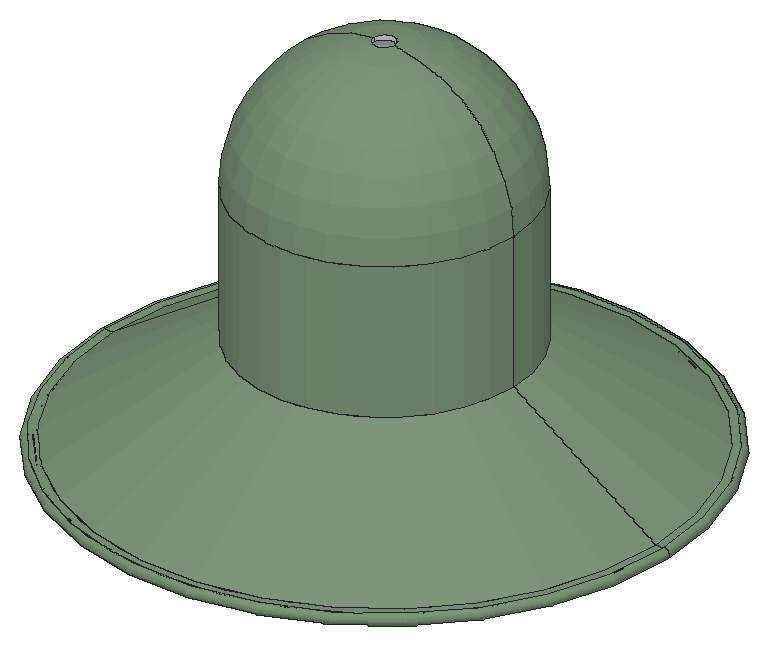
Revit family "SBC14 SHADE", category Lighting Fixtures, Revit 2024
Family settings
  Round Connector Dimension = Use Diameter
  Part Type = Normal
  OmniClass Number = 23.80.70.00
  OmniClass Title = Lighting
  Work Plane-Based = No
  Always vertical = Yes
  Cut with Voids When Loaded = No
  Light Source = Yes
  Maintain Annotation Orientation = No
  Shared = No
  Room Calculation Point = No
Parameters
  Wattage = 12.1178 W
  built-in parameter 1150110 = 1 (stored number, unit not read)
  built-in parameter 1114217 = 1 (stored number, unit not read)
  built-in parameter 1150109 = 1 (stored number, unit not read)
  built-in parameter 1150134 = (empty or 0)
  built-in parameter 1150113 = 1 (stored number, unit not read)
  Lumens = 1800 lm
  built-in parameter 1150115 = 1 (stored number, unit not read)
  built-in parameter 1150105 = 572.96 (stored number, unit not read)
  Light Source Symbol Size = 2' - 0"
  built-in parameter 1150137 = (empty or 0)
  built-in parameter 1150139 = (empty or 0)
  built-in parameter 1150112 = 1 (stored number, unit not read)
  built-in parameter 1150114 = 1 (stored number, unit not read)
  built-in parameter 1150132 = 2
  built-in parameter 1150102 = (empty or 0)
  built-in parameter 1150138 = (empty or 0)
  built-in parameter 1150107 = 3000 (stored number, unit not read)
  built-in parameter 1150106 = 5.7296 (stored number, unit not read)
  built-in parameter 1150104 = 13.8 (stored number, unit not read)
  Dimming Lamp Color Temperature Shift = (empty or 0)
  Default Elevation = 0' - 0"
  Color Filter = 16777215
  built-in parameter 1114218 = 1 (stored number, unit not read)
  built-in parameter 1150133 = 10 (stored number, unit not read)
Reference planes (in)
  plane 1 "Light Source Axis (F/B)": y = 0
  plane 2: z = 0
  plane 3 "Light Source Axis (L/R)": x = 0
  plane 4 "Light Source Elevation": z = 54
Forms (in)
  Revolve 1, solid
    sketch origin (0, 0, 0) x (1, 0, 0) y (0, 0, 1)
      loop
        line (-6.75397, 54.15625) -> (-6.65334, 54.15625) -> (-3.09375, 56.44887) -> (-3.09375, 59.8125)
        arc (-3.09375, 59.8125) -> (-2.27428, 61.90986) -> (-0.25, 62.89613) r 3.09375
        line (-0.25, 62.89613) -> (-0.25, 62.99018)
        arc (-0.25, 62.99018) -> (-2.34062, 61.97621) -> (-3.1875, 59.8125) r 3.1875
        line (-3.1875, 59.8125) -> (-3.1875, 56.5) -> (-6.68092, 54.25) -> (-6.875, 54.25)
        arc (-6.875, 54.25) -> (-6.95155, 54.02618) -> (-6.75397, 54.15625) r 0.125
      axis (0, 62.99018) -> (0, 54.15625)
    angle from 0 to 360
Dimensions and locks (in)
  aligned and locked: plane 3 "Light Source Axis (L/R)" to imposter light
  aligned and locked: plane 1 "Light Source Axis (F/B)" to imposter light
  aligned and locked: plane 4 "Light Source Elevation" to imposter light
  aligned and locked: level to plane 2
